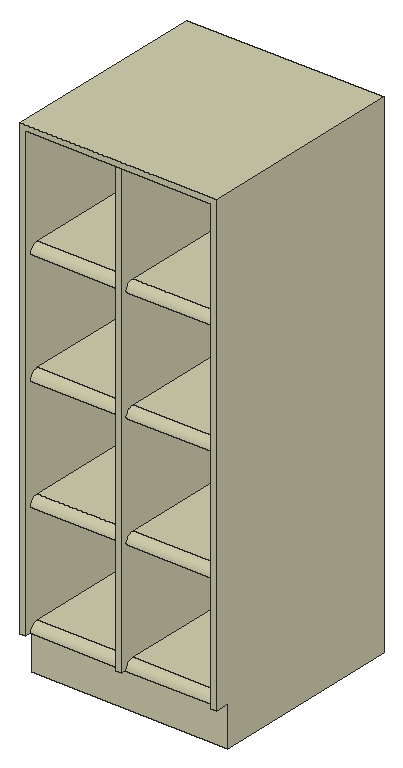
Revit family "Wenger Cabinet 27", category Furniture, Revit 2011
Parameters (values of type "Standard Cabinet #27")
  URL = "http://www.wengercorp.com/Home/Contact.html"
  Toekick Material [instance] = none
  RH End Panel [instance] = no
  Model = "27"
  Manufacturer = "Wenger Corporation"
  LH End Panel [instance] = no
  End Panel Material [instance] = none
  Edge Banding Material [instance] = none
  Door Material [instance] = none
  Description = "Standard Cabinet #27"
  Cabinet Width = 2' - 3 1/2"
  Cabinet Label = Labels : Standard
  Cabinet Height = 5' - 9 3/4"
  Cabinet Depth = 2' - 5 1/4"
  Cabinet Back Thickness = 0' - 0 3/4"
  Assembly Code = ""
Types (4): name | Model | Description | Cabinet Width | Cabinet Label | Cabinet Depth | Cabinet Back Thickness
  Standard Cabinet #27 | "27" | "Standard Cabinet #27" | 2' - 3 1/2" | Labels : Standard | 2' - 5 1/4" | 0' - 0 3/4"
  Acoustic Cabinet #27 | "27A" | "Acoustic Cabinet #27" | 2' - 3 1/2" | Labels : Acoustic | 2' - 7 3/4" | 0' - 3 1/4"
  Narrow Acoustic Cabinet #27 | "27NA" | "Narrow Acoustic Cabinet #27" | 1' - 9 1/2" | Labels : Narrow Acoustic | 2' - 7 3/4" | 0' - 3 1/4"
  Narrow Cabinet #27 | "27N" | "Narrow Cabinet #27" | 1' - 9 1/2" | Labels : Narrow | 2' - 5 1/4" | 0' - 0 3/4"
Reference planes (in)
  plane 1 "Front": y = 0
  plane 2: z = 0
  plane 3 "Left": x = 0
  plane 4 "Right": x = 27.5
  plane 5 "Back": y = 29.25
  plane 6 "Top": z = 69.75
  plane 7: z = 5.625
  plane 8: z = 21.46875
  plane 9: z = 37.3125
  plane 10: z = 53.15625
  plane 11: x = 0.75
  plane 12: x = 26.75
  plane 13: z = 69
  plane 14: x = 13.375
  plane 15: x = 14.125
  plane 16: y = 28.5
  plane 17: y = 2
  plane 18: y = 0.75
  plane 19: z = 22.59375
  plane 20: z = 38.4375
  plane 21: z = 54.28125
  plane 22: z = 6.75
Forms (in)
  Extrusion 1, solid, material "Wenger - Oyster"
    sketch origin (0, 0, 0) x (0, 1, 0) y (0, 0, 1)
      loop
        line (0, 69.75) -> (0, 5.625) -> (2, 5.625) -> (2, 0) -> (29.25, 0) -> (29.25, 69.75) -> (0, 69.75)
    from 0 to 27.5
  Extrusion 2, void
    sketch origin (0, 0, 0) x (0, 1, 0) y (0, 0, 1)
      loop
        line (-5.5, 69) -> (-5.5, 5.625) -> (0.75, 5.625)
        arc (0.75, 5.625) -> (1.18296, 6.40088) -> (2, 6.75) r 1.375
        line (2, 6.75) -> (28.5, 6.75) -> (28.5, 21.46875) -> (0.75, 21.46875)
        arc (0.75, 21.46875) -> (1.18296, 22.24463) -> (2, 22.59375) r 1.375
        line (2, 22.59375) -> (28.5, 22.59375) -> (28.5, 37.3125) -> (0.75, 37.3125)
        arc (0.75, 37.3125) -> (1.18296, 38.08838) -> (2, 38.4375) r 1.375
        line (2, 38.4375) -> (28.5, 38.4375) -> (28.5, 53.15625) -> (0.75, 53.15625)
        arc (0.75, 53.15625) -> (1.18296, 53.93213) -> (2, 54.28125) r 1.375
        line (2, 54.28125) -> (28.5, 54.28125) -> (28.5, 69) -> (-5.5, 69)
    from 0.75 to 13.375
  Extrusion 3, void
    sketch origin (0, 0, 0) x (0, 1, 0) y (0, 0, 1)
      loop
        line (-5.5, 69) -> (-5.5, 5.625) -> (0.75, 5.625)
        arc (0.75, 5.625) -> (1.18296, 6.40088) -> (2, 6.75) r 1.375
        line (2, 6.75) -> (28.5, 6.75) -> (28.5, 21.46875) -> (0.75, 21.46875)
        arc (0.75, 21.46875) -> (1.18296, 22.24463) -> (2, 22.59375) r 1.375
        line (2, 22.59375) -> (28.5, 22.59375) -> (28.5, 37.3125) -> (0.75, 37.3125)
        arc (0.75, 37.3125) -> (1.18296, 38.08838) -> (2, 38.4375) r 1.375
        line (2, 38.4375) -> (28.5, 38.4375) -> (28.5, 53.15625) -> (0.75, 53.15625)
        arc (0.75, 53.15625) -> (1.18296, 53.93213) -> (2, 54.28125) r 1.375
        line (2, 54.28125) -> (28.5, 54.28125) -> (28.5, 69) -> (-5.5, 69)
    from 14.125 to 26.75
  Extrusion 4, void
    sketch origin (0, 0, 0) x (0, 1, 0) y (0, 0, 1)
      loop
        line (0, 69) -> (0, 5.625) -> (0.0625, 5.625) -> (0.0625, 69) -> (0, 69)
    from 0.75 to 26.75
Cuts and joins
  Extrusion 2, Extrusion 3, Extrusion 4 cuts Extrusion 1
Lines and regions (in)
  symbolic lines
    curve 1: line (0, 29.25, 0) -> (27.5, 29.25, 0)
    curve 2: line (0, 0, 0) -> (0, 29.25, 0)
    curve 3: line (27.5, 0, 0) -> (0, 0, 0)
    curve 4: line (27.5, 29.25, 0) -> (27.5, 0, 0)
Text (in)
  text "01" at (13.28235, 0, 97.09414), in view "Front"
Dimensions and locks (in)
  locked: plane 3 "Left" to plane 11 at 0.75
  locked: plane 14 to plane 15 at 0.75
  locked: plane 12 to plane 4 "Right" at 0.75
  "Cabinet Back Thickness": plane 5 "Back" to plane 16
  locked: plane 1 "Front" to plane 18 at 0.75
  locked: plane 1 "Front" to plane 17 at 2
  locked: plane 19 to plane 8 at 1.125
  locked: plane 20 to plane 9 at 1.125
  locked: plane 21 to plane 10 at 1.125
  locked: plane 6 "Top" to plane 13 at 0.75
  equal spacing: plane 13, plane 10, plane 9, plane 8, plane 7
  locked: plane 22 to plane 7 at 1.125
  equal spacing: plane 12, plane 14, plane 3 "Left"
  "Cabinet Width": plane 3 "Left" to plane 4 "Right"
  locked: plane 7 to level at 5.625
  "Cabinet Height": plane 6 "Top" to level
  "Cabinet Depth": plane 1 "Front" to plane 5 "Back"
  plane 11 to plane 12 = 2' - 2"
  plane 13 to plane 7 = 5' - 3 3/8"
  aligned and locked: Extrusion 1 sketch curve to plane 6 "Top"
  aligned and locked: Extrusion 1 sketch curve to plane 5 "Back"
  aligned and locked: Extrusion 1 sketch curve to plane 1 "Front"
  aligned and locked: Extrusion 1 sketch curve to plane 7
  aligned and locked: Extrusion 1 sketch curve to plane 17
  aligned and locked: Extrusion 1 sketch curve to level
  aligned and locked: Extrusion 1 to plane 4 "Right"
  aligned and locked: Extrusion 1 to plane 3 "Left"
  aligned and locked: Extrusion 2 sketch curve to plane 13
  aligned and locked: Extrusion 2 sketch curve to plane 16
  aligned and locked: Extrusion 2 sketch curve to plane 10
  aligned and locked: Extrusion 2 sketch curve to plane 20
  aligned and locked: Extrusion 2 sketch curve to plane 9
  aligned and locked: Extrusion 2 sketch curve to plane 19
  aligned and locked: Extrusion 2 sketch curve to plane 8
  aligned and locked: Extrusion 2 sketch curve to plane 22
  aligned and locked: Extrusion 2 sketch curve to plane 21
  aligned and locked: Extrusion 2 to plane 11
  aligned and locked: plane 14 to Extrusion 2
  aligned and locked: Extrusion 3 to plane 12
  aligned and locked: Extrusion 4 sketch curve to cut or joined group of Extrusion 1, Extrusion 2, Extrusion 3, Extrusion 4  (x3)
  aligned and locked: Extrusion 4 to plane 12
  aligned and locked: Extrusion 4 to plane 11
  aligned and locked: plane 3 "Left" to curve 2
  aligned and locked: curve 1 to plane 5 "Back"
  aligned and locked: plane 4 "Right" to curve 4
  aligned and locked: curve 3 to plane 1 "Front"
  aligned and locked: Extrusion 3 to plane 15
Automatic sketch dimensions
  Extrusion 2 sketch curve to plane 7 = 0' - 0"
  Extrusion 2 sketch curve to plane 18 = 0' - 0"  (x4)
  Extrusion 2 sketch curve to plane 17 = 0' - 0"  (x4)
  Extrusion 2 sketch curve to plane 16 = 0' - 0"  (x3)
  plane 1 "Front" to Extrusion 2 sketch curve = 0' - 5 1/2"
  Extrusion 2 sketch curve to plane 17 = 0' - 0.10279"  (x4)
  Extrusion 3 sketch curve to plane 13 = 0' - 0"
  Extrusion 3 sketch curve to plane 7 = 0' - 0"
  Extrusion 3 sketch curve to plane 18 = 0' - 0"  (x4)
  Extrusion 3 sketch curve to plane 10 = 0' - 0"
  Extrusion 3 sketch curve to plane 8 = 0' - 0"
  Extrusion 3 sketch curve to plane 9 = 0' - 0"
  Extrusion 3 sketch curve to plane 17 = 0' - 0"  (x4)
  Extrusion 3 sketch curve to plane 16 = 0' - 0"  (x4)
  Extrusion 3 sketch curve to plane 22 = 0' - 0"
  Extrusion 3 sketch curve to plane 19 = 0' - 0"
  Extrusion 3 sketch curve to plane 20 = 0' - 0"
  Extrusion 3 sketch curve to plane 21 = 0' - 0"
  plane 1 "Front" to Extrusion 3 sketch curve = 0' - 5 1/2"
  Extrusion 3 sketch curve to plane 17 = 0' - 0.10279"  (x4)
  plane 18 to Extrusion 4 sketch curve = 0' - 0 11/16"
Nested families (in)
  nested 1: "LH End Panel" at (0, 14.25, 0) x (0, -1, 0) z (0, 0, 1), End Panel Material <- "End Panel Material", visible <- "LH End Panel", Edge Banding Material <- "Edge Banding Material", type "20x84 LH"
    with End Panel Material none, Edge Banding Material none, End Panel Height 5' - 9 3/4", End Panel Depth 2' - 5 1/4"
  nested 2: "RH End Panel" at (28.25, 14.25, 0) x (0, -1, 0) z (0, 0, 1), End Panel Material <- "End Panel Material", visible <- "RH End Panel", Edge Banding Material <- "Edge Banding Material", type "20x84 RH"
    with End Panel Material none, Edge Banding Material none, End Panel Height 5' - 9 3/4", End Panel Depth 2' - 5 1/4"
  nested 3: "Labels" at (10.375, 14.28125, 0), type <- "Cabinet Label", type "Standard"
  nested 4: "Front Note" at (11.70671, 0.75, 0), type "Front Note", detail levels medium+fine
Definition of nested family "LH End Panel"
  Parameters (values of type "20x84 LH")
    End Panel Material [instance] = none
    End Panel Height = 7' - 1 5/8"
    End Panel Depth = 1' - 7 1/4"
    Edge Banding Material [instance] = none
    Default Elevation = 4' - 0"
    Assembly Code = ""
  Reference planes (in)
    plane 1 "Center (Front/Back)": y = 0
    plane 2: z = 0
    plane 3 "Center (Left/Right)": x = 0
    plane 4: x = -15
    plane 5: x = 4.25
    plane 6: z = 5.625
    plane 7: x = 2.25
    plane 8: z = 85.625
    plane 9: y = -0.75
  Forms (in)
    Extrusion 1, solid, material <- "End Panel Material"
      sketch origin (0, 0, 0) x (1, 0, 0) y (0, 0, 1)
        loop
          line (-15, 85.625) -> (-15, 0) -> (2.25, 0) -> (2.25, 5.625) -> (4.25, 5.625) -> (4.25, 85.625) -> (-15, 85.625)
      from 0 to 0.75
  Dimensions and locks (in)
    locked: plane 7 to plane 5 at 2
    locked: plane 6 to level at 5.625
    "End Panel Height": plane 8 to level
    "End Panel Depth": plane 5 to plane 4
    locked: plane 9 to plane 1 "Center (Front/Back)" at 0.75
    aligned and locked: plane 4 to Extrusion 1 sketch curve
    aligned and locked: level to Extrusion 1 sketch curve
    aligned and locked: plane 7 to Extrusion 1 sketch curve
    aligned and locked: plane 6 to Extrusion 1 sketch curve
    aligned and locked: Extrusion 1 sketch curve to plane 5
    aligned and locked: Extrusion 1 sketch curve to plane 8
    aligned and locked: Extrusion 1 to plane 9
    aligned and locked: Extrusion 1 to plane 1 "Center (Front/Back)"
Definition of nested family "RH End Panel"
  Parameters (values of type "20x84 RH")
    End Panel Material [instance] = none
    End Panel Height = 7' - 1 5/8"
    End Panel Depth = 1' - 7 1/4"
    Edge Banding Material [instance] = none
    Default Elevation = 4' - 0"
    Assembly Code = ""
  Reference planes (in)
    plane 1 "Center (Front/Back)": y = 0
    plane 2: z = 0
    plane 3 "Center (Left/Right)": x = 0
    plane 4: x = -15
    plane 5: x = 4.25
    plane 6: z = 5.625
    plane 7: x = 2.25
    plane 8: z = 85.625
    plane 9: y = -0.75
  Forms (in)
    Extrusion 1, solid, material <- "End Panel Material"
      sketch origin (0, 0, 0) x (1, 0, 0) y (0, 0, 1)
        loop
          line (-15, 85.625) -> (-15, 0) -> (2.25, 0) -> (2.25, 5.625) -> (4.25, 5.625) -> (4.25, 85.625) -> (-15, 85.625)
      from 0 to 0.75
  Dimensions and locks (in)
    locked: plane 7 to plane 5 at 2
    locked: plane 6 to level at 5.625
    "End Panel Height": plane 8 to level
    "End Panel Depth": plane 5 to plane 4
    locked: plane 9 to plane 1 "Center (Front/Back)" at 0.75
    aligned and locked: plane 4 to Extrusion 1 sketch curve
    aligned and locked: level to Extrusion 1 sketch curve
    aligned and locked: plane 7 to Extrusion 1 sketch curve
    aligned and locked: plane 6 to Extrusion 1 sketch curve
    aligned and locked: Extrusion 1 sketch curve to plane 5
    aligned and locked: Extrusion 1 sketch curve to plane 8
    aligned and locked: Extrusion 1 to plane 9
    aligned and locked: Extrusion 1 to plane 1 "Center (Front/Back)"
Definition of nested family "Labels"
  Parameters (values of type "Standard")
    Cabinet Label = "01"
  Types (4): name | Cabinet Label
    Standard | "01"
    Narrow | "01N"
    Narrow Acoustic | "01NA"
    Acoustic | "01A"
  Reference planes (in)
    plane 1: y = 0
    plane 2: x = 0
  Text (in)
    label "xxxx" at (-0.00018, 0.00754, 0), shows "Cabinet Label"
Definition of nested family "Front Note"
  Parameters (values of type "Front Note")
    Cabinet Label = "Front"
  Reference planes (in)
    plane 1: y = 0
    plane 2: x = 0
  Text (in)
    label "Front" at (-0.00018, 0.00754, 0), shows "Cabinet Label"
